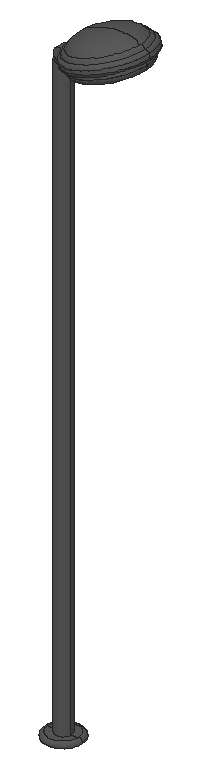
Revit family "svetilnik_alfresco_alkor_dku-01_os", category Lighting Fixtures, Revit 2016 (continued)
Definition of nested family "Алькор"
  Types (3, lengths in mm): name | Photometric Web File | built-in parameter 1150105 | Lumens | built-in parameter 1150106 | built-in parameter 1150142 | Wattage
      18   605.82   591.59   577.34   580.30   \r\n 580.25   572.25   556.24   520.99   496.06   476.63   461.29   449.70   440.75   439.20   \r\n 431.10   425.63   427.67   415.11   406.92   394.97   382.02   370.69   358.48   348.27   \r\n 338.37   329.93   323.10   315.09   308.00   299.09   290.23   281.77   271.55   262.25   \r\n 253.18   241.31   228.87   209.19   184.38   159.56   134.61   109.70   87.29    68.74    \r\n 55.86    48.21    44.48    41.88    38.96    36.23    33.76    31.45    29.37    27.28    \r\n 25.32    23.25    20.84    18.29    16.10    13.98    11.96    10.24    8.56     6.72     \r\n 5.33     4.11     2.95     2.10     1.47     1.14     0.92     0.70     0.48     0.37     \r\n 0.37     \r\n936.51   931.44   937.53   928.76   927.53   899.87   873.13   855.29   845.94   846.01   \r\n 796.43   780.34   793.39   835.40   715.86   666.23   641.68   621.03   598.54   580.62   \r\n 566.64   560.67   534.34   525.14   497.43   479.58   468.99   459.18   447.22   438.43   \r\n 429.62   422.08   418.27   413.98   407.14   396.51   381.31   364.26   351.59   342.06   \r\n 332.87   323.37   314.65   307.49   299.25   290.42   281.90   273.72   267.17   260.48   \r\n 252.01   239.12   224.56   204.60   181.62   158.12   129.19   104.83   84.07    63.38    \r\n 52.04    45.86    42.11    39.24    35.96    33.28    31.03    28.99    26.93    25.04    \r\n 23.37    21.54    19.74    18.05    16.08    14.02    11.85    10.10    8.55     6.94     \r\n 5.59     4.26     3.07     2.12     1.50     1.12     0.90     0.69     0.49     0.38     \r\n 0.36     \r\n936.51   928.44   939.78   938.70   940.30   908.79   880.35   861.12   843.54   842.25   \r\n 788.54   755.12   775.73   778.46   705.89   647.70   619.11   602.04   585.18   568.01   \r\n 571.96   552.86   568.79   554.20   508.35   485.04   469.92   456.95   446.89   442.89   \r\n 437.12   429.65   432.49   425.39   412.58   402.37   389.29   376.39   365.00   353.74   \r\n 345.72   337.27   330.52   323.34   315.29   307.85   300.41   290.62   281.23   272.76   \r\n 262.95   251.15   240.28   223.16   201.36   175.46   149.56   123.76   98.88    78.54    \r\n 61.67    51.95    46.45    43.67    41.06    38.11    35.19    32.50    30.25    28.24    \r\n 26.27    24.16    21.90    19.31    17.17    15.01    13.13    11.43    9.66     7.77     \r\n 5.92     4.60     3.16     2.22     1.57     1.17     0.96     0.75     0.54     0.39     \r\n 0.38     \r\n936.51   932.37   940.45   946.38   957.74   912.96   880.52   843.55   807.48   791.43   \r\n 790.18   737.78   716.40   678.85   657.46   628.87   609.37   594.09   593.39   607.29   \r\n 598.76   568.74   547.23   530.01   518.75   502.51   487.24   471.70   472.61   462.91   \r\n 474.58   464.09   445.14   432.74   423.60   415.83   406.96   400.17   395.81   387.08   \r\n 375.15   364.92   355.31   345.27   338.07   330.90   322.87   315.09   304.32   293.36   \r\n 281.53   271.08   259.51   245.82   228.37   208.90   185.11   160.75   135.08   107.84   \r\n 86.54    65.35    51.89    43.68    39.96    37.03    33.77    30.68    27.66    25.09    \r\n 22.79    20.70    18.49    16.38    14.38    12.64    11.04    9.61     8.25     6.87     \r\n 5.44     4.15     3.16     2.34     1.68     1.28     1.04     0.82     0.61     0.45     \r\n 0.44     \r\n936.51   927.26   922.67   945.73   958.49   909.73   849.30   813.66   783.01   761.99   \r\n 746.04   718.46   698.59   674.60   662.24   655.16   655.75   658.28   637.00   615.38   \r\n 591.48   576.80   565.19   557.04   544.27   545.52   532.09   524.48   521.46   507.86   \r\n 488.76   475.44   465.87   458.15   450.06   447.53   442.08   435.95   425.35   416.02   \r\n 407.28   397.48   387.91   381.60   377.75   376.90   377.96   378.18   374.65   373.06   \r\n 360.53   349.15   350.21   344.14   321.20   293.80   275.23   253.04   227.26   201.11   \r\n 171.49   141.86   115.33   93.10    75.79    66.46    62.37    58.89    55.12    33.91    \r\n 27.89    23.91    21.07    18.63    16.45    14.37    12.71    11.15    9.74     8.44     \r\n 6.93     5.38     4.04     2.90     1.99     1.50     1.23     0.98     0.72     0.55     \r\n 0.57     \r\n936.51   926.75   918.63   945.76   947.65   891.84   835.22   801.52   770.57   749.90   \r\n 731.15   725.73   714.12   712.62   711.15   706.11   691.78   678.02   663.94   650.03   \r\n 639.77   635.01   637.61   626.62   615.21   613.32   614.69   608.12   591.27   586.30   \r\n 578.74   570.24   563.01   550.15   532.31   511.14   493.48   479.08   469.57   461.46   \r\n 454.30   446.85   438.06   430.97   425.74   421.79   419.33   421.56   424.59   425.38   \r\n 426.92   425.59   421.42   418.67   416.56   411.03   399.67   385.46   374.43   356.00   \r\n 327.44   288.75   245.64   200.54   157.72   120.93   91.85    75.78    59.90    53.19    \r\n 46.23    37.90    31.44    26.45    22.49    19.12    16.32    13.91    11.83    10.18    \r\n 8.65     7.13     5.40     3.79     2.52     1.90     1.56     1.28     1.01     0.86     \r\n 0.94     \r\n936.51   917.31   915.39   944.50   926.47   880.02   825.73   790.47   766.88   747.82   \r\n 750.72   753.94   758.40   764.24   753.39   738.34   728.76   720.13   721.55   721.98   \r\n 717.16   717.63   719.52   728.67   750.56   760.54   754.43   746.80   735.24   720.07   \r\n 703.37   684.22   655.34   628.21   609.72   593.83   581.68   570.51   562.12   557.98   \r\n 556.55   561.03   573.77   587.20   573.55   571.16   568.04   570.28   585.29   607.56   \r\n 597.13   599.66   577.98   572.35   574.99   575.66   575.53   578.94   583.72   585.45   \r\n 579.87   571.66   552.52   522.44   485.61   435.83   363.42   271.91   199.50   127.37   \r\n 88.43    70.34    60.33    52.09    43.52    36.17    29.71    23.98    19.23    15.15    \r\n 11.84    8.89     6.68     5.01     3.57     2.74     2.29     1.93     1.64     1.49     \r\n 1.64     \r\n936.51   920.33   920.50   959.11   931.09   874.02   828.73   802.32   776.14   773.65   \r\n 790.70   807.42   813.20   798.20   788.16   783.41   790.41   803.24   802.79   802.75   \r\n 811.14   836.34   866.07   889.31   886.14   874.43   858.20   835.67   808.61   782.43   \r\n 756.23   735.88   721.99   714.45   710.49   710.83   713.05   714.69   715.99   715.52   \r\n 713.19   707.66   705.87   710.14   716.39   726.97   742.06   760.35   779.95   788.79   \r\n 786.69   795.07   800.25   812.27   822.55   836.13   847.80   863.44   877.58   889.96   \r\n 910.64   941.69   968.69   992.39   1006.28  1017.32  1007.74  970.10   894.04   771.40   \r\n 594.46   371.67   194.86   104.16   87.13    70.60    61.58    51.53    42.05    32.65    \r\n 24.05    17.25    11.81    7.68     5.14     3.97     3.45     2.97     2.57     2.34     \r\n 2.52     \r\n936.51   918.25   920.23   963.94   938.97   886.64   831.24   800.48   792.36   804.11   \r\n 830.21   857.23   845.21   834.53   828.37   829.29   841.83   853.03   866.94   877.52   \r\n 896.85   929.86   970.59   972.87   956.11   934.49   912.91   893.90   869.11   852.54   \r\n 840.72   833.36   833.71   836.53   839.80   848.19   853.26   867.99   889.42   914.85   \r\n 903.77   906.74   914.68   937.81   971.08   999.80   992.93   999.60   1003.44  1023.64  \r\n 1047.62  1070.03  1093.26  1120.60  1130.89  1148.52  1174.81  1205.17  1239.33  1284.30  \r\n 1337.49  1378.43  1422.02  1442.22  1464.04  1468.52  1456.81  1435.43  1402.81  1314.16  \r\n 1123.41  884.21   640.73   425.42   315.57   205.71   96.79    78.11    62.24    47.47    \r\n 36.92    27.89    19.12    12.96    8.81     6.44     4.96     4.07     3.49     3.16     \r\n 3.30     \r\n936.51   924.44   929.07   977.74   938.50   884.96   834.36   818.05   817.39   838.64   \r\n 868.72   876.78   866.16   863.92   868.70   880.36   892.15   905.83   918.22   936.08   \r\n 958.37   985.18   1003.35  1011.75  1017.33  1012.27  994.47   976.05   961.18   953.04   \r\n 950.61   952.98   958.43   963.88   972.85   984.54   998.59   1013.65  1031.77  1054.71  \r\n 1070.79  1086.81  1111.54  1135.48  1158.39  1186.05  1218.35  1246.40  1278.69  1310.33  \r\n 1347.14  1378.19  1414.13  1453.49  1490.45  1524.04  1570.72  1615.49  1675.24  1737.00  \r\n 1784.88  1814.06  1833.39  1841.95  1827.95  1786.40  1710.61  1604.83  1449.06  1271.50  \r\n 1081.84  891.36   644.24   396.86   216.96   130.65   104.32   85.37    66.44    52.04    \r\n 40.33    29.15    19.91    13.89    9.55     7.01     5.58     4.71     4.03     3.66     \r\n 3.79     \r\n936.51   926.73   938.51   967.04   943.70   889.50   849.21   838.32   840.27   865.97   \r\n 894.75   887.95   894.72   892.10   905.91   922.34   933.33   949.60   962.03   978.86   \r\n 1002.52  1024.79  1051.64  1070.15  1076.60  1078.41  1073.73  1071.03  1067.48  1059.19  \r\n 1057.03  1062.94  1075.38  1088.78  1109.94  1130.48  1155.57  1185.24  1211.09  1234.36  \r\n 1254.17  1280.01  1322.61  1367.13  1393.51  1430.36  1454.52  1483.63  1513.10  1548.58  \r\n 1579.44  1616.16  1642.70  1669.72  1711.13  1750.89  1813.02  1891.93  1973.02  2047.18  \r\n 2114.48  2148.89  2129.38  2058.31  1941.58  1796.01  1599.72  1362.19  1094.15  805.87   \r\n 564.61   323.47   212.90   160.11   127.63   101.57   81.48    61.40    44.36    31.76    \r\n 22.98    17.31    13.01    9.87     7.61     6.18     5.46     4.83     4.18     3.86     \r\n 4.00     \r\n936.51   933.08   950.02   965.77   947.31   893.66   860.54   850.57   849.15   875.03   \r\n 907.44   903.28   916.98   917.37   933.56   952.68   964.16   978.89   993.66   1014.90  \r\n 1040.49  1056.91  1082.31  1112.82  1140.54  1156.56  1168.96  1174.25  1176.12  1184.93  \r\n 1186.99  1195.77  1208.15  1224.53  1244.12  1265.72  1289.84  1326.80  1371.63  1386.95  \r\n 1409.98  1443.71  1482.25  1523.76  1567.27  1614.32  1662.94  1712.77  1763.00  1811.30  \r\n 1860.26  1914.42  1977.30  2044.43  2116.75  2194.52  2293.47  2381.05  2458.95  2519.59  \r\n 2547.99  2521.46  2435.99  2294.80  2099.42  1766.16  1432.14  1003.69  593.92   329.79   \r\n 227.44   188.74   150.10   120.83   96.17    76.07    56.97    40.52    28.44    21.87    \r\n 16.79    13.48    10.77    8.31     6.57     5.54     4.91     4.36     3.76     3.44     \r\n 3.60     \r\n936.51   956.39   978.00   1002.02  993.16   912.42   881.41   873.77   872.55   902.81   \r\n 932.44   929.64   935.90   943.58   972.00   989.41   1008.82  1027.68  1042.09  1062.57  \r\n 1093.80  1112.68  1136.86  1170.82  1214.91  1248.62  1275.34  1304.58  1329.31  1353.71  \r\n 1375.91  1391.39  1404.72  1426.77  1456.25  1485.13  1512.85  1548.70  1589.30  1630.62  \r\n 1676.75  1717.63  1764.54  1822.63  1880.79  1938.28  1992.59  2046.85  2099.22  2154.78  \r\n 2209.64  2263.02  2310.67  2351.10  2390.32  2415.32  2443.25  2464.74  2464.38  2451.73  \r\n 2414.46  2328.33  2172.23  1934.19  1605.29  1221.38  801.39   554.75   309.12   228.99   \r\n 185.97   152.89   124.74   99.86    78.97    58.13    40.65    27.10    20.83    16.41    \r\n 13.33    11.33    9.50     7.58     6.29     5.02     4.33     3.80     3.22     2.91     \r\n 3.03     \r\n936.51   967.18   1001.51  1021.21  975.87   934.19   909.10   900.03   905.52   927.00   \r\n 957.96   962.30   957.97   963.33   977.57   1014.28  1041.63  1067.40  1087.24  1112.43  \r\n 1148.82  1189.26  1215.24  1250.71  1281.57  1324.36  1359.27  1396.02  1430.44  1468.84  \r\n 1513.47  1560.07  1606.61  1645.71  1680.88  1725.29  1775.93  1832.86  1894.16  1942.70  \r\n 1977.21  1969.39  1972.49  1988.29  2007.08  2027.98  2054.30  2081.43  2100.95  2127.05  \r\n 2152.41  2157.40  2154.14  2148.07  2125.27  2098.95  2058.56  1995.96  1908.81  1738.24  \r\n 1566.43  1310.88  1019.08  728.36   502.13   357.81   281.55   237.32   200.09   168.92   \r\n 137.80   111.76   87.59    59.66    43.34    29.90    23.13    19.69    17.35    15.58    \r\n 12.94    9.80     7.84     6.08     4.74     3.98     3.52     3.12     2.64     2.35     \r\n 2.44     \r\n936.51   986.14   971.66   929.00   941.97   945.68   936.66   923.84   927.66   959.67   \r\n 984.23   1014.60  1020.94  1004.40  1014.67  1039.72  1081.60  1117.76  1140.10  1162.41  \r\n 1187.59  1225.64  1279.43  1321.34  1350.60  1392.92  1435.88  1506.86  1545.47  1591.98  \r\n 1631.61  1677.42  1721.42  1762.44  1793.79  1825.05  1843.84  1859.68  1867.14  1868.08  \r\n 1867.49  1868.37  1867.21  1860.78  1853.98  1845.09  1830.10  1809.12  1784.73  1757.64  \r\n 1722.29  1672.28  1604.15  1509.23  1381.25  1247.89  1109.67  978.28   841.49   677.82   \r\n 513.71   355.92   252.55   201.49   174.54   153.97   134.92   114.18   93.55    73.56    \r\n 53.58    41.89    35.04    30.13    26.53    23.93    21.12    19.23    18.82    17.97    \r\n 14.69    10.53    7.13     4.85     3.57     2.97     2.65     2.36     1.96     1.74     \r\n 1.80     \r\n936.51   984.18   939.78   906.95   920.61   944.16   950.98   946.40   949.76   959.80   \r\n 986.31   1042.91  1088.92  1107.02  1072.69  1086.26  1103.66  1136.25  1192.07  1211.09  \r\n 1234.79  1264.69  1307.64  1374.90  1434.05  1457.45  1503.37  1552.66  1602.87  1674.76  \r\n 1704.52  1728.46  1748.88  1766.87  1778.37  1785.07  1784.09  1776.00  1764.77  1753.99  \r\n 1734.79  1709.50  1679.87  1646.40  1599.75  1542.40  1466.27  1356.04  1232.42  1113.38  \r\n 996.77   908.35   854.24   732.10   623.19   534.22   455.99   380.11   302.16   232.23   \r\n 191.47   150.84   129.49   111.35   95.09    78.92    63.94    52.27    45.20    40.24    \r\n 35.23    31.89    28.65    25.32    22.56    20.75    18.74    16.67    14.18    11.79    \r\n 9.25     7.17     5.44     3.91     2.80     2.26     1.96     1.70     1.36     1.13     \r\n 1.16     \r\n936.51   987.81   914.26   903.04   909.25   929.26   945.82   957.65   961.40   972.51   \r\n 989.21   1020.94  1088.73  1136.27  1140.64  1145.41  1160.69  1169.32  1195.41  1242.94  \r\n 1281.36  1316.57  1352.60  1400.24  1460.79  1525.66  1548.93  1579.78  1612.87  1639.95  \r\n 1674.58  1698.05  1699.31  1705.12  1704.88  1700.72  1693.65  1681.22  1662.05  1636.21  \r\n 1594.62  1535.29  1454.95  1347.28  1208.60  1053.38  908.53   786.93   696.24   614.34   \r\n 540.95   469.00   405.39   350.85   304.89   265.15   220.27   180.34   144.00   118.48   \r\n 101.72   86.97    73.85    63.04    55.96    51.96    46.29    43.34    39.33    34.23    \r\n 29.90    26.82    23.67    20.96    18.79    16.32    14.34    12.34    10.49    8.82     \r\n 7.22     5.74     4.45     3.19     2.25     1.78     1.48     1.21     0.90     0.72     \r\n 0.73     \r\n936.51   986.83   937.20   903.66   905.13   915.62   929.98   943.93   955.02   965.98   \r\n 982.89   1007.07  1068.59  1095.56  1121.88  1139.04  1166.97  1183.01  1212.74  1246.02  \r\n 1283.82  1330.14  1389.36  1428.11  1465.51  1502.65  1527.72  1547.51  1564.58  1575.63  \r\n 1586.78  1591.05  1591.35  1590.27  1588.82  1579.12  1563.75  1541.21  1509.27  1459.66  \r\n 1384.88  1280.48  1144.81  998.97   868.54   764.07   682.81   612.63   547.48   482.78   \r\n 422.37   370.19   322.29   281.89   246.10   209.06   175.38   141.76   115.39   95.72    \r\n 78.92    66.46    57.47    49.89    45.04    40.92    38.04    35.64    33.06    29.83    \r\n 27.16    24.41    22.40    20.76    17.79    16.75    16.72    15.33    11.94    8.46     \r\n 6.59     5.54     4.45     3.20     2.04     1.57     1.29     1.02     0.73     0.54     \r\n 0.54     \r\n936.51   973.84   934.91   902.04   904.11   912.25   919.06   927.58   943.52   960.31   \r\n 980.03   1007.90  1043.88  1069.07  1095.87  1129.87  1164.38  1195.65  1224.97  1258.39  \r\n 1296.52  1338.74  1381.62  1424.08  1462.24  1491.38  1508.53  1519.36  1528.56  1533.99  \r\n 1535.59  1533.64  1530.07  1522.28  1511.35  1494.49  1471.68  1439.91  1392.66  1322.48  \r\n 1219.83  1095.92  967.82   854.16   761.17   684.74   617.25   552.88   488.55   431.86   \r\n 384.96   340.77   300.08   265.29   224.37   185.28   148.71   124.13   102.97   85.36    \r\n 67.76    57.07    50.58    46.17    42.51    39.71    36.77    35.27    33.51    30.71    \r\n 27.32    23.99    21.03    18.86    17.97    16.99    15.04    12.80    10.14    8.11     \r\n 6.46     5.00     3.99     2.68     1.84     1.47     1.20     0.93     0.65     0.51     \r\n 0.49     \r\n936.51   961.91   973.95   908
      .90   913.29   916.38   923.76   932.24   945.18   962.01   \r\n 986.11   1015.08  1053.75  1070.32  1100.77  1129.81  1158.11  1190.73  1224.36  1259.12  \r\n 1299.35  1341.77  1385.01  1426.64  1462.54  1488.65  1505.69  1515.94  1522.55  1526.09  \r\n 1526.57  1523.49  1519.47  1512.40  1501.57  1484.80  1461.49  1426.51  1373.30  1294.71  \r\n 1183.44  1059.08  934.30   825.23   738.03   666.07   599.89   535.55   472.92   424.61   \r\n 381.65   337.83   297.61   259.21   220.59   182.77   145.07   120.85   96.48    76.46    \r\n 65.07    57.93    51.88    46.09    42.04    39.04    35.48    33.01    31.49    29.63    \r\n 27.61    24.92    21.68    19.76    19.54    18.73    16.54    13.27    10.42    7.91     \r\n 6.23     4.79     3.89     2.53     1.77     1.44     1.18     0.79     0.55     0.48     \r\n 0.48     \r\n" | 25.582 W
  Reference planes
    plane 1 "По центру (Вперед/Назад)": y = 0
    plane 2: z = 0
    plane 3 "По центру (Влево/Вправо)": x = 0
    plane 4: z = 0
  Forms (mm)
    Revolve 1, solid, material <- "Материал светильника"
      sketch origin (0, 0, 0) x (1, 0, 0) y (0, 0, 1)
        loop
          line (0, 0) -> (205, 0)
          arc (205, 0) -> (226.213, 8.787) -> (235, 30) r 30
          line (235, 30) -> (235, 55)
          arc (235, 55) -> (236.464, 58.536) -> (240, 60) r 5
          line (240, 60) -> (255, 60)
          arc (255, 60) -> (262.071, 62.929) -> (265, 70) r 10
          line (265, 70) -> (265, 95)
          arc (265, 95) -> (257.678, 112.678) -> (240, 120) r 25
          line (240, 120) -> (235, 120)
          spline (235, 120) -> (226.777, 135.972) -> (216.488, 150.556) -> (204.134, 163.75) -> (189.715, 175.556) -> (173.23, 185.972) -> (154.679, 195) -> (134.063, 202.639) -> (111.381, 208.889) -> (86.634, 213.75) -> (59.822, 217.222) -> (30.944, 219.306) -> (0, 220)
          line (0, 220) -> (0, 0)
        axis (0, 220) -> (0, 0)
      angle from 0 to 360
    Revolve 2, solid, material <- "Материал светильника"
      sketch origin (0, 0, 0) x (1, 0, 0) y (0, 0, 1)
        loop
          spline (221.449, 143.492) -> (218.579, 141.541) -> (216.487, 138.122) -> (215.316, 133.468) -> (215.145, 127.896) -> (215.987, 121.785) -> (217.784, 115.554) -> (220.413, 109.625) -> (223.696, 104.403) -> (227.408, 100.244) -> (231.297, 97.432) -> (235.097, 96.157) -> (238.551, 96.508)
          spline (238.551, 96.508) -> (241.421, 98.459) -> (243.513, 101.878) -> (244.684, 106.532) -> (244.855, 112.104) -> (244.013, 118.215) -> (242.216, 124.446) -> (239.587, 130.375) -> (236.304, 135.597) -> (232.592, 139.756) -> (228.703, 142.568) -> (224.903, 143.843) -> (221.449, 143.492)
        axis (0, 143.492) -> (0, 96.508)
      angle from 0 to 360
    Extrusion 3, solid
      sketch origin (-302.045, -1524, 0) x (-1, 0, 0) y (0, -1, 0)
        loop
          circle (-302.045, -1524) r 200
      from 0 to -2
    Extrusion 4, solid, material <- "Материал светильника", visible <- "ДКУ"
      sketch origin (0, 0, 0) x (1, 0, 0) y (0, 0, 1)
        loop
          circle (315, 60) r 40
      from -30 to 30
    Extrusion 5, solid, material <- "Материал светильника", visible <- "ДКУ"
      sketch origin (0, 0, 0) x (1, 0, 0) y (0, 0, 1)
        loop
          line (315, 32) -> (315, 88) -> (0, 88) -> (0, 32) -> (315, 32)
      from -29 to 29
    Extrusion 6, solid, material <- "Материал светильника", visible <- "ДТУ"
      sketch origin (0, 0, 0) x (0, 1, 0) y (0, 0, 1)
        loop
          line (0, -550) -> (40, -550)
          arc (40, -550) -> (217.417, -255.502) -> (265, 85) r 858.163
          line (265, 85) -> (200, 85) -> (200, -2) -> (214.923, -27.848)
          arc (214.923, -27.848) -> (219.129, -37.258) -> (221.316, -47.33) r 50
          arc (221.316, -47.33) -> (186.051, -278.003) -> (40, -460) r 450
          line (40, -460) -> (0, -460) -> (-40, -460)
          arc (-40, -460) -> (-186.051, -278.003) -> (-221.316, -47.33) r 450
          arc (-221.316, -47.33) -> (-219.129, -37.258) -> (-214.923, -27.848) r 50
          line (-214.923, -27.848) -> (-200, -2) -> (-200, 85) -> (-265, 85)
          arc (-265, 85) -> (-217.417, -255.502) -> (-40, -550) r 858.163
          line (-40, -550) -> (0, -550)
      from -10 to 10
    Revolve 7, solid, material <- "Материал светильника", visible <- "ДТУ"
      sketch origin (0, 0, 0) x (0, 1, 0) y (0, 0, 1)
        loop
          line (0, -460) -> (-20, -460) -> (-32.5, -481.651) -> (-40, -550) -> (-30, -580) -> (0, -580) -> (0, -460)
        axis (0, -460) -> (0, -580)
      angle from 0 to 360
  Cuts and joins
    joined: Revolve 1, Revolve 2
    joined: Extrusion 4, Extrusion 5
    joined: Extrusion 6, Revolve 7
  Dimensions and locks
    aligned and locked: level to plane 2
    aligned and locked: Revolve 1 sketch curve to plane 3 "По центру (Влево/Вправо)"
    aligned and locked: Revolve 2 sketch curve to plane 3 "По центру (Влево/Вправо)"
    aligned and locked: imposter light to Extrusion 3
    aligned and locked: imposter light to plane 3 "По центру (Влево/Вправо)"
    aligned and locked: plane 1 "По центру (Вперед/Назад)" to imposter light
    aligned and locked: Revolve 7 sketch curve to plane 1 "По центру (Вперед/Назад)"
Types (3, lengths in mm): name | Световой поток_2 | Apparent Load | ADSK_Ток | ADSK_Полная мощность | ADSK_Номинальная мощность | ADSK_Наименование | ADSK_Артикул
  Алькор-1(ОС) ДКУ 40Вт | 3800 lm | 41.2371 VA | 0.132541 A | 41.2371 VA | 40 W | "Алькор-1(ОС) ДКУ 40Вт - св-к Алькор ДКУ-01-AF (85х120, 02) на опоре ОС 3,9 ЧМ" | "1105001320"
  Алькор-1(ОС) ДКУ 60Вт | 5700 lm | 61.8557 VA | 0.198812 A | 61.8557 VA | 60 W | "Алькор-1(ОС) ДКУ 60Вт - св-к Алькор ДКУ-01-AF (85х120, 02) на опоре ОС 3,9 ЧМ" | "1105001330"
  Алькор-1(ОС) ДКУ 80Вт | 7600 lm | 82.4742 VA | 0.265082 A | 82.4742 VA | 80 W | "Алькор-1(ОС) ДКУ 80Вт - св-к Алькор ДКУ-01-AF (85х120, 02) на опоре ОС 3,9 ЧМ" | "1105001340"
